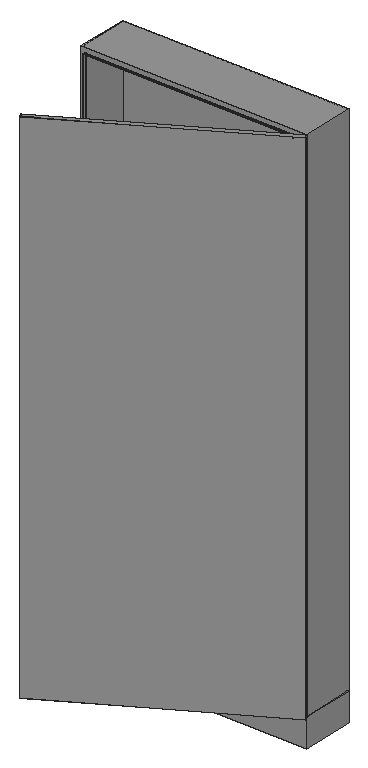
Revit family "Hager-Univers-IP44-D205-H1950-Cl.I-encl-NoHosted-NL-en", category Equipement électrique, Revit 2020
Family settings
  Configuration du panneau = Deux colonnes, circuits au sein
  Cote de connecteur circulaire = Utiliser le diamètre
  Type d'élément = Tableau de raccordement
  Basée sur le plan de construction = Oui
  Toujours verticalement = Oui
  Couper avec des vides une fois chargée = Non
  Partagée = Non
  Point de calcul de pièce = Non
Parameters (values of type "Floor installation IP44 W800 H1950 D205  - FP23TN2")
  Width Control [instance] = if([EF000008 - Width] > Min Width, [EF000008 - Width], Min Width)  # 800 mm
  Commentaires du type = [HG000003 - Range]  # "Univers"
  Thickness Door [instance] = if([EF009171 - Material plate thickness door/cover] > 3 mm, 3 mm, [EF009171 - Material plate thickness door/cover])  # 1 mm
  Seal Frame Offset [instance] = 17 mm  # constant formula
  Plinth Visibility [instance] = [HG000027 - Plinth height] > 0 mm  # yes
  Min Width [instance] = 100 mm  # constant formula
  Min Depth [instance] = (2 * [EF009170 - Material plate thickness cabinet]) + 1 mm  # 3 mm
  Min Height [instance] = 100 mm  # constant formula
  Internal Frame Depth [instance] = (Door System Depth * 0.5)  # 9 mm
  Panel Name [instance] = ""  # (empty or 0)
  Model = ""
  HG000027 - Plinth height = 100 mm
  HG000026 - Floor standing = yes
  HG000024 - Bottom section height = 600 mm
  HG000023 - Double section enclosure = no
  HG000016 - Door 3d visibility [instance] = yes
  HG000015 - Clearance visibility [instance] = no
  HG000014 - Door on the right [instance] = yes
  HG000013 - Door on the left [instance] = not([HG000014 - Door on the right])  # no
  HG000012 - Door swing angle [instance] = 30.00°
  HG000010 - Asymmetric doors = no
  HG000009 - Double swing door = no
  HG000006 - Flush mounted = no
  HG000004 - Manufacturer reference = "FP23TN2"
  HG000003 - Range = "Univers"
  HG000002 - With door or cover = yes
  Frame Offset Bottom [instance] = 10 mm  # constant formula
  Frame Offset [instance] = 15 mm  # constant formula
  EF015940 - Cover with overpressure release = no
  EF011959 - Degree of protection (NEMA) = ""
  EF009554 - Number of openings for flange plates = 6
  EF009212 - Cover model = "EV000116 - Closed"
  EF009171 - Material plate thickness door/cover = 1 mm
  EF009170 - Material plate thickness cabinet = 1 mm
  EF008873 - Nominal current (In) = 400 A
  EF007800 - Suitable for lightning protection = no
  EF006306 - With lock = no
  EF006244 - Transparent cover/door = no
  EF005474 - Degree of protection (IP) = "EV006418 - IP44"
  EF004464 - Type of door = "EV002646 - Single"
  EF004427 - Number of modules = 432
  EF004293 - Impact strength = "EV006815 - IK09"
  EF003532 - Suitable for outdoor use = no
  EF002950 - Width in number of modular spacings = 36
  EF001613 - Circuit integrity = "EV000494 - None"
  EF001596 - Material housing = "EV000179 - Steel"
  EF001131 - Internal depth = 205 mm
  EF001088 - Extension possible = yes
  EF000437 - Number of conduit inlets = 6
  EF000339 - Type of cover = "EV001012 - Cover"
  EF000266 - Number of rows = 12
  EF000218 - Built-in depth = 0 mm
  EF000118 - With mounting plate = no
  EF000116 - RAL-number = "9010"
  EF000049 - Depth = 205 mm
  EF000040 - Height = 1950 mm
  EF000008 - Width = 800 mm
  EF000007 - Colour = "EV000202 - White"
  EF000003 - Mounting method = "EV012274 - Floor installation"
  Door System Leaf Tolerance [instance] = 1.5 mm  # constant formula
  Door System Depth [instance] = 18 mm  # constant formula
  Door Height [instance] = Height Control - [HG000027 - Plinth height]  # 1850 mm
  Description = ""
  Default Elevation = 1219.2 mm
  Connector Offset [instance] = Height Control / 2  # 975 mm
  Fabricant = "Hager"  # constant formula
  Height Control [instance] = if([EF000040 - Height] > Min Height, [EF000040 - Height], Min Height)  # 1950 mm
  Depth Control [instance] = if([EF000049 - Depth] > Min Depth, [EF000049 - Depth], Min Depth)  # 205 mm
  Bottom Top Plate Trim [instance] = 1.5 mm  # constant formula
  Plinth height Ctrl [instance] = if([HG000027 - Plinth height] > 0 mm, [HG000027 - Plinth height], 12 mm)  # 100 mm
Types (5, lengths in mm): name | Width Control | HG000010 - Asymmetric doors | HG000009 - Double swing door | HG000004 - Manufacturer reference | EF009554 - Number of openings for flange plates | EF008873 - Nominal current (In) | EF004464 - Type of door | EF004427 - Number of modules | EF002950 - Width in number of modular spacings | EF000437 - Number of conduit inlets | EF000008 - Width
  Floor installation IP44 W1050 H1950 D205  - FP24TN2 | 1050 | no | yes | "FP24TN2" | 8 | 400 A | "EV003602 - Double" | 576 | 48 | 8 | 1050
  Floor installation IP44 W1300 H1950 D205  - FP25TN2 | 1300 | yes | yes | "FP25TN2" | 10 | 400 A | "EV003602 - Double" | 720 | 60 | 10 | 1300
  Floor installation IP44 W300 H1950 D205  - FP21TN2 | 300 | no | no | "FP21TN2" | 2 | 250 A | "EV002646 - Single" | 144 | 12 | 2 | 300
  Floor installation IP44 W550 H1950 D205  - FP22TN2 | 550 | no | no | "FP22TN2" | 4 | 400 A | "EV002646 - Single" | 288 | 24 | 4 | 550
  Floor installation IP44 W800 H1950 D205  - FP23TN2 | 800 | no | no | "FP23TN2" | 6 | 400 A | "EV002646 - Single" | 432 | 36 | 6 | 800
Reference planes
  plane 1 "Center (Front/Back)": y = 0
  plane 2: z = 0
  plane 3 "Center (Left/Right)": x = 0
  plane 4: y = 0
  plane 5: y = 0
  plane 6: z = 0
  plane 7: x = -400
  plane 8: x = 400
  plane 9: x = 399
  plane 10: x = -399
  plane 11: z = 100
  plane 12: z = 101
  plane 13: y = -205
  plane 14: y = -1
  plane 15: x = 0
  plane 16: y = -187
  plane 17: y = -204
  plane 18: y = -186
  plane 19: x = -384
  plane 20: x = 384
  plane 21: z = 111
  plane 22: x = -383
  plane 23: x = 383
  plane 24: z = 100
  plane 25: z = 1950
  plane 26: z = 1950
  plane 27: z = 1934
  plane 28: z = 1949
Forms (mm)
  Extrusion 1, solid, material "Hager_Steel_RAL7035_Light_Grey", detail levels medium+fine
    sketch origin (-208.679, -4572, 100) x (-1, 0, 0) y (0, -1, 0)
      loop
        line (191.321, -4385) -> (-608.679, -4385) -> (-608.679, -4572) -> (191.321, -4572) -> (191.321, -4385)
    from 0 to 1850
  Extrusion 2, void
    sketch origin (-350.771, -205, 1219.2) x (1, 0, 0) y (0, 0, 1)
      loop
        line (-48.229, 729.8) -> (-48.229, -1118.2) -> (749.771, -1118.2) -> (749.771, 729.8) -> (-48.229, 729.8)
    from -19 to -204
  Extrusion 3, void
    sketch origin (-290.084, -187, 1219.2) x (1, 0, 0) y (0, 0, 1)
      loop
        line (-93.916, -1108.2) -> (674.084, -1108.2) -> (674.084, 714.8) -> (-93.916, 714.8) -> (-93.916, -1108.2)
    from 0 to -1
  Extrusion 4, solid, material "Hager_Steel_RAL7035_Light_Grey", visible <- "Plinth Visibility", detail levels medium+fine
    sketch origin (0, 0, 0) x (1, 0, 0) y (0, 1, 0)
      loop
        line (-400, 0) -> (-400, -187) -> (400, -187) -> (400, 0) -> (-400, 0)
    from 0 to 100 <- "Plinth height Ctrl"
  Extrusion 5, solid, material "Hager_Steel_RAL7035_Light_Grey", detail levels coarse
    sketch origin (0, 0, 0) x (1, 0, 0) y (0, 1, 0)
      loop
        line (-400, 0) -> (-400, -205) -> (400, -205) -> (400, 0) -> (-400, 0)
    from 0 to 1950 <- "Height Control"
  Sweep 6, void
    path in 3D
      loop
        line (-400, -187, 100) -> (400, -187, 100) -> (400, 0, 100) -> (-400, 0, 100) -> (-400, -187, 100)
    profile origin (-400, -93.5, 100) x (1, 0, 0) y (0, 0, 1)
      loop
        line (0, 0) -> (0, -1.5) -> (1.5, -1.5)
        arc (1.5, -1.5) -> (1.061, -0.439) -> (0, 0) r 1.5
  Extrusion 7, solid, material "Hager_Steel_RAL7035_Light_Grey", detail levels fine
    sketch origin (-400, -187, 100) x (1, 0, 0) y (0, 0, 1)
      loop
        line (16, 11) -> (784, 11) -> (784, 1834) -> (16, 1834) -> (16, 11)
      loop
        line (15, 10) -> (785, 10) -> (785, 1835) -> (15, 1835) -> (15, 10)
    from 0 to 9 <- "Internal Frame Depth"
Cuts and joins
  Extrusion 2, Extrusion 3 cuts Extrusion 1
  Sweep 6 cuts Extrusion 4
Lines and regions (mm)
  Masking region 1
    outline origin (0, 0, 0) x (1, 0, 0) y (0, 1, 0)
      loop
        line (-400, 0) -> (-400, -205) -> (400, -205) -> (400, 0) -> (-400, 0)
  Masking region 2, detail levels coarse
    outline origin (-290.084, -187, 1219.2) x (-1, 0, 0) y (0, 0, 1)
      loop
        line (-690.084, -1219.2) -> (109.916, -1219.2) -> (109.916, 730.8) -> (-690.084, 730.8) -> (-690.084, -1219.2)
  Masking region 3, detail levels coarse
    outline origin (0, 0, 0) x (0, 1, 0) y (0, 0, 1)
      loop
        line (0, 0) -> (0, 1950) -> (-205, 1950) -> (-205, 0) -> (0, 0)
  Masking region 4, visible <- "Plinth Visibility", detail levels medium+fine
    outline origin (0, 0, 0) x (0, 1, 0) y (0, 0, 1)
      loop
        line (-1.5, 100) -> (-185.5, 100)
        arc (-185.5, 100) -> (-185.939, 98.939) -> (-187, 98.5) r 1.5
        line (-187, 98.5) -> (-187, 0) -> (0, 0) -> (0, 98.5)
        arc (0, 98.5) -> (-1.061, 98.939) -> (-1.5, 100) r 1.5
  Masking region 5, detail levels medium+fine
    outline origin (0, 0, 594.038) x (0, 1, 0) y (0, 0, 1)
      loop
        line (0, -494.038) -> (0, 1355.962) -> (-187, 1355.962) -> (-187, -494.038) -> (0, -494.038)
  Masking region 6, detail levels medium+fine
    outline origin (-359.7, -187, 1211.883) x (-1, 0, 0) y (0, 0, 1)
      loop
        line (-759.7, -1111.883) -> (40.3, -1111.883) -> (40.3, 738.117) -> (-759.7, 738.117) -> (-759.7, -1111.883)
  Masking region 7, visible <- "Plinth Visibility", detail levels medium+fine
    outline origin (-320.334, -187, 1041.368) x (-1, 0, 0) y (0, 0, 1)
      loop
        line (-720.334, -1041.368) -> (79.666, -1041.368) -> (79.666, -942.868)
        arc (79.666, -942.868) -> (78.606, -942.429) -> (78.166, -941.368) r 1.5
        line (78.166, -941.368) -> (-718.834, -941.368)
        arc (-718.834, -941.368) -> (-719.273, -942.429) -> (-720.334, -942.868) r 1.5
        line (-720.334, -942.868) -> (-720.334, -1041.368)
  sketch lines
    curve 1: line (-400, 0, 100) -> (-400, -187, 100)
    curve 2: line (-400, -187, 100) -> (400, -187, 100)
    curve 3: line (400, 0, 100) -> (-400, 0, 100)
    curve 4: line (400, -187, 100) -> (400, 0, 100)
Dimensions and locks
  locked: plane 1 "Center (Front/Back)" to plane 5
  "EF009170 - Material plate thickness cabinet": plane 7 to plane 10
  "EF009170 - Material plate thickness cabinet": plane 8 to plane 9
  equal spacing: plane 7, plane 3 "Center (Left/Right)", plane 8
  "Width Control": plane 7 to plane 8
  "Depth Control": plane 4 to plane 13
  "EF009170 - Material plate thickness cabinet": plane 4 to plane 14
  "Height Control": plane 25 to level
  "HG000027 - Plinth height": plane 11 to level
  "EF009170 - Material plate thickness cabinet": plane 12 to plane 11
  "EF009170 - Material plate thickness cabinet": plane 17 to plane 13
  "EF009170 - Material plate thickness cabinet": plane 18 to plane 16
  "Frame Offset Bottom": plane 21 to plane 12
  "Frame Offset": plane 10 to plane 19
  "Frame Offset": plane 9 to plane 20
  "Door System Depth": plane 16 to plane 13
  "Seal Frame Offset": plane 7 to plane 22
  "Seal Frame Offset": plane 8 to plane 23
  "EF009170 - Material plate thickness cabinet": plane 26 to plane 28
  "Frame Offset": plane 28 to plane 27
  "Connector Offset": plane 2 to connector elem
  "Bottom Top Plate Trim": profile plane to Sweep 6 sketch curve
  "Bottom Top Plate Trim": Sweep 6 sketch curve to Sweep 6 sketch curve
  "Plinth height Ctrl": Masking region 4 sketch curve to level
  "Plinth height Ctrl": Masking region 7 sketch curve to level
  "Thickness Door": Extrusion 7 sketch curve to Extrusion 7 sketch curve  (x4)
  "Bottom Top Plate Trim": radius of Sweep 6 sketch curve
  "Bottom Top Plate Trim": radius of Masking region 4 sketch curve  (x2)
  "Bottom Top Plate Trim": radius of Masking region 7 sketch curve  (x2)
  aligned and locked: Extrusion 2 sketch curve to plane 12
  aligned and locked: Extrusion 2 sketch curve to plane 9
  aligned and locked: Extrusion 2 sketch curve to plane 10
  aligned and locked: Extrusion 2 to plane 14
  aligned and locked: Extrusion 1 sketch curve to plane 4
  aligned and locked: plane 8 to Extrusion 1 sketch curve
  aligned and locked: plane 7 to Extrusion 1 sketch curve
  aligned and locked: Extrusion 2 to plane 18
  aligned and locked: Extrusion 3 sketch curve to plane 19
  aligned and locked: plane 20 to Extrusion 3 sketch curve
  aligned and locked: Extrusion 3 to Extrusion 2
  aligned and locked: Extrusion 3 sketch curve to plane 21
  aligned and locked: plane 3 "Center (Left/Right)" to nested 1
  aligned and locked: Extrusion 1 sketch curve to plane 16
  aligned and locked: Extrusion 4 sketch curve to cut or joined group of Extrusion 1, Extrusion 2, Extrusion 3
  aligned and locked: Masking region 1 sketch curve to plane 7
  aligned and locked: Masking region 1 sketch curve to plane 5
  aligned and locked: Masking region 1 sketch curve to plane 8
  aligned and locked: Masking region 2 sketch curve to level
  aligned and locked: level to Masking region 3 sketch curve
  aligned and locked: plane 1 "Center (Front/Back)" to Masking region 3 sketch curve
  aligned and locked: plane 13 to Masking region 3 sketch curve
  aligned and locked: plane 5 to Masking region 4 sketch curve
  aligned and locked: Masking region 2 sketch curve to plane 8
  aligned and locked: Masking region 2 sketch curve to plane 7
  aligned and locked: plane 7 to nested 2
  aligned and locked: nested 2 to plane 5
  aligned and locked: plane 5 to Masking region 5 sketch curve
  aligned and locked: plane 26 to Masking region 5 sketch curve
  aligned and locked: Extrusion 5 sketch curve to plane 8
  aligned and locked: Extrusion 5 sketch curve to plane 7
  aligned and locked: Extrusion 5 sketch curve to plane 5
  aligned and locked: Extrusion 3 sketch curve to plane 27
  aligned and locked: Extrusion 2 sketch curve to plane 28
  aligned and locked: Masking region 2 to plane 25
  aligned and locked: Extrusion 4 to plane 16
  aligned and locked: profile plane to Sweep 6 sketch curve
  aligned and locked: Masking region 5 sketch curve to plane 24
  aligned and locked: level to Masking region 4 sketch curve
  aligned and locked: Masking region 1 to plane 13
  aligned and locked: nested 1 to plane 16
  aligned and locked: Masking region 3 to plane 25
  aligned and locked: plane 16 to Masking region 4 sketch curve
  aligned and locked: Masking region 5 sketch curve to plane 16
  aligned and locked: plane 24 to plane 11
  aligned and locked: plane 26 to plane 25
  aligned and locked: plane 26 to cut or joined group of Extrusion 1, Extrusion 2, Extrusion 3
  aligned and locked: nested 1 to plane 24
  aligned and locked: Extrusion 1 to Extrusion 3
  aligned and locked: Masking region 6 sketch curve to plane 8
  aligned and locked: Masking region 6 sketch curve to plane 24
  aligned and locked: Masking region 6 sketch curve to plane 7
  aligned and locked: Masking region 6 sketch curve to plane 26
  aligned and locked: Masking region 7 sketch curve to plane 7
  aligned and locked: level to Masking region 7 sketch curve
  aligned and locked: Masking region 7 sketch curve to plane 8
  aligned and locked: Extrusion 7 sketch curve to cut or joined group of Extrusion 1, Extrusion 2, Extrusion 3  (x4)
Automatic sketch dimensions
  plane 19 to Extrusion 3 sketch curve = 0 mm
  Extrusion 3 sketch curve to plane 20 = 0 mm
  Extrusion 3 sketch curve to plane 21 = 0 mm
  Extrusion 4 sketch curve to plane 7 = 0 mm
  Extrusion 4 sketch curve to plane 8 = 0 mm
  Extrusion 4 sketch curve to plane 16 = 0 mm
  Masking region 1 sketch curve to plane 13 = 0 mm
  Masking region 2 sketch curve to plane 25 = 0 mm
  Masking region 3 sketch curve to plane 25 = 0 mm
  Extrusion 5 sketch curve to plane 13 = 0 mm
  profile plane to Sweep 6 sketch curve = 0 mm
Nested families
  nested 1: "EC000058_Univers_Door" at (0, -187, 100), Double <- "HG000009 - Double swing door", Transparent <- "EF006244 - Transparent cover/door", Angle <- "HG000012 - Door swing angle", Door_Right <- "HG000014 - Door on the right", Assymetrical <- "HG000010 - Asymmetric doors", Door <- "HG000002 - With door or cover", Width_Ctrl <- "Width Control", 3d_Door <- "HG000016 - Door 3d visibility", Clearance <- "HG000015 - Clearance visibility", Door_Left <- "HG000013 - Door on the left", Width <- "Width Control", Door_Depth <- "Door System Depth", Leaf_Tolerance <- "Door System Leaf Tolerance", Height <- "Door Height", Lock_Visibility <- "EF006306 - With lock", Thickness <- "Thickness Door", type "EC000058_Univers_Door", detail levels medium+fine
    with min_wh 3 mm, Width_Ctrl 800 mm, Width 800 mm, Transparent no, Thickness 1 mm, Seal_Material Hager_Rubber, Lock_Visibility no, Lock_Material Hager_Plastic_RAL9005_Jet_Black, Leaf_Width 800 mm, Leaf_Tolerance_External_Sides 0 mm, Leaf_Tolerance 1.5 mm, Leaf_Offset 0 mm, Leaf_Height 1847 mm, Leaf_2_Width 800 mm, Leaf_2_Offset 400 mm, Leaf_1_Width 800 mm, Leaf_1_Offset 400 mm, Height_Ctrl 1850 mm, Height 1850 mm, Glass_Material Hager_Glass, Double_Clearance_Ctrl no, Double no, Door_Right_Ctrl yes, Door_Right yes, Door_Material Hager_Steel_RAL7035_Light_Grey, Door_Left_Ctrl no, Door_Left no, Door_Depth 18 mm, Door yes, Clearance_Material Hager_Clearance, Clearance_Depth 800 mm, Clearance_Ctrl no, Clearance no, Assymetrical no, Angle 30.00°, 3d_Door yes
  nested 2: "Hager_Enclosure_Symbol" at (-400, 0, 0), Height <- "Depth Control", Width <- "Width Control", type "Hager_Enclosure_Symbol"
    with Width_Ctrl 800 mm, Width 800 mm, Height_Ctrl 205 mm, Height 205 mm, A_Width_Int 13.453 mm, A_Width 161.438 mm, A_Height_Ctrl 179.375 mm, A_Height 179.375 mm
Connectors
  electrical at (0, 0, 975)
    settings: on plane 1 "Center (Front/Back)", index 1, voltage 0 V, apparent load 0 VA, apparent load phase1 0 VA, apparent load phase2 0 VA, apparent load phase3 0 VA, power factor 1, load classification "Other", number of poles 1, system type 30, power factor state 1, is connector primary yes, connector utility no, sub classification motor no, connector description ""
Definition of nested family "EC000058_Univers_Door"
  Parameters (values of type "EC000058_Univers_Door")
    min_wh [instance] = (2 * Thickness) + 1 mm  # 11 mm
    Width_Ctrl [instance] = 400 mm
    Width [instance] = 500 mm
    Transparent [instance] = yes
    Thickness [instance] = 5 mm
    Seal_Material [instance] = none
    Lock_Visibility [instance] = yes
    Lock_Material [instance] = none
    Leaf_Width [instance] = if((Width_Ctrl - 2 * Leaf_Tolerance_External_Sides) > 0 mm, (Width_Ctrl - 2 * Leaf_Tolerance_External_Sides), min_wh)  # 400 mm
    Leaf_Tolerance_External_Sides [instance] = 0 mm  # constant formula
    Leaf_Tolerance [instance] = 1.5 mm
    Leaf_Offset [instance] = 0 mm  # constant formula
    Leaf_Height [instance] = if((Height_Ctrl - 2 * Leaf_Tolerance) > 0 mm, (Height_Ctrl - 2 * Leaf_Tolerance), min_wh)  # 497 mm
    Leaf_2_Width [instance] = if(and(and(Double, Assymetrical), Door_Left), (Leaf_Width / 3) - (Leaf_Tolerance / 2), if(and(and(Double, Assymetrical), Door_Right), (Leaf_Width / 3) * 2 - (Leaf_Tolerance / 2), if(and(Double, not(Assymetrical)), (Leaf_Width / 2) - Leaf_Tolerance, Leaf_Width)))  # 400 mm
    Leaf_2_Offset [instance] = if(and(Double, Assymetrical), Leaf_2_Width / 2, if(and(Double, not(Assymetrical)), Leaf_Width / 4, Leaf_Width / 2))  # 200 mm
    Leaf_1_Width [instance] = if(and(and(Double, Assymetrical), Door_Right), (Leaf_Width / 3) - (Leaf_Tolerance / 2), if(and(and(Double, Assymetrical), Door_Left), (Width / 3) * 2 - (Leaf_Tolerance / 2), if(and(Double, not(Assymetrical)), (Leaf_Width / 2) - Leaf_Tolerance, Leaf_Width)))  # 400 mm
    Leaf_1_Offset [instance] = if(and(Double, Assymetrical), Leaf_1_Width / 2, if(and(Double, not(Assymetrical)), Leaf_Width / 4, Leaf_Width / 2))  # 200 mm
    Height_Ctrl [instance] = if(Height > min_wh, Height, min_wh)  # 500 mm
    Height [instance] = 500 mm
    Glass_Material [instance] = none
    Double_Clearance_Ctrl [instance] = and(Double, Clearance)  # no
    Double [instance] = no
    Door_Right_Ctrl [instance] = and(or(Door_Right, Double), Door)  # yes
    Door_Right [instance] = yes
    Door_Material [instance] = none
    Door_Left_Ctrl [instance] = and(or(Door_Left, Double), Door)  # no
    Door_Left [instance] = no
    Door_Depth [instance] = 30 mm
    Door [instance] = yes
    Default Elevation = 1219.2 mm
    Clearance_Material [instance] = none
    Clearance_Depth [instance] = if(Leaf_1_Width > Leaf_2_Width, Leaf_1_Width, Leaf_2_Width)  # 400 mm
    Clearance_Ctrl [instance] = and(not(Double), Clearance)  # yes
    Clearance [instance] = yes
    Assymetrical [instance] = yes
    Angle [instance] = 30.00°
    3d_Door [instance] = yes
  Reference planes
    plane 1 "Center (Front/Back)": y = 0
    plane 2 "Bottom": z = 0
    plane 3 "Center (Left/Right)": x = 0
    plane 4: z = 500
    plane 5: x = -200
    plane 6: x = 200
    plane 7: z = 500
    plane 8: x = -200
    plane 9: z = 0
    plane 10: x = 200
    plane 11: y = 0
    plane 12: z = 1.5
    plane 13: x = -600
    plane 14: y = -400
    plane 15: x = 600
    plane 16: x = 0
    plane 17: x = 0
    plane 18: x = -200
    plane 19: x = 200
    plane 20: z = 498.5
  Forms (mm)
    Extrusion 1, solid, material <- "Clearance_Material", visible <- "Double_Clearance_Ctrl"
      sketch origin (1200, 0, 0) x (1, 0, 0) y (0, 0, -1)
        loop
          line (-1800, -498.5) -> (-600, -498.5) -> (-600, 0) -> (-1800, 0) -> (-1800, -498.5)
      from 0 to -400
  Dimensions and locks
    equal spacing: plane 5, plane 3 "Center (Left/Right)", plane 6
    "Width_Ctrl": plane 5 to plane 6
    "Leaf_Offset": plane 5 to plane 8
    "Leaf_Offset": plane 6 to plane 10
    "Leaf_Offset": plane 9 to level
    "Leaf_Offset": plane 4 to plane 7
    "Height_Ctrl": plane 4 to level
    "Leaf_Tolerance": plane 12 to plane 9
    locked: plane 11 to plane 1 "Center (Front/Back)"
    "Leaf_1_Offset": plane 18 to plane 16
    "Leaf_2_Offset": plane 17 to plane 19
    "Leaf_1_Width": plane 13 to plane 8
    "Leaf_2_Width": plane 10 to plane 15
    "Clearance_Depth": plane 14 to plane 1 "Center (Front/Back)"
    "Leaf_Tolerance_External_Sides": plane 8 to plane 18
    "Leaf_Tolerance_External_Sides": plane 19 to plane 10
    "Leaf_Tolerance": plane 7 to plane 20
    aligned and locked: level to plane 2 "Bottom"
    aligned and locked: nested 1 to plane 16
    aligned and locked: nested 2 to plane 17
    aligned and locked: Extrusion 1 to plane 13
    aligned and locked: plane 15 to Extrusion 1
    aligned and locked: Extrusion 1 to plane 14
    aligned and locked: plane 12 to nested 1
    aligned and locked: nested 2 to plane 12
    aligned and locked: Extrusion 1 to plane 11
    aligned and locked: plane 20 to Extrusion 1
    aligned and locked: nested 2 to plane 11
    aligned and locked: nested 1 to plane 11
  Automatic sketch dimensions
    Extrusion 1 sketch curve to level = 0 mm
    plane 5 to Extrusion 1 sketch curve = 400 mm
    plane 6 to Extrusion 1 sketch curve = 400 mm
    Extrusion 1 sketch curve to plane 4 = 1.5 mm
  Nested families
    nested 1: "EC000058_Univers_Door_Leaf" at (0, 0, 1.5), Width <- "Leaf_1_Width", visible <- "Door_Left_Ctrl", Leaf_Height <- "Leaf_Height", Angle <- "Angle", 3d_Door <- "3d_Door", Transparent <- "Transparent", Clearance Material <- "Clearance_Material", Clearance <- "Clearance_Ctrl", Door_Material <- "Door_Material", Glass_Material <- "Glass_Material", Door_Depth <- "Door_Depth", Lock_Material <- "Lock_Material", Seal_Material <- "Seal_Material", Lock_Visibility <- "Lock_Visibility", Thickness <- "Thickness", type "EC000058_Univers_Door_Leaf"
      with Width 400 mm, Transparent_Glass_Offset 30 mm, Transparent_Ctrl yes, Transparent yes, Thickness 5 mm, Standard no, Seal_Material none, Seal_D2 8 mm, Seal_D1 1 mm, Offset_Internal_Frame 10 mm, Lock_Width 20 mm, Lock_Visibility_3d yes, Lock_Visibility yes, Lock_Thickness_3 3 mm, Lock_Thickness_2 1 mm, Lock_Thickness_1 3 mm, Lock_Radius_Offset_2 16 mm, Lock_Radius_Offset_1 15 mm, Lock_Radius_2 5 mm, Lock_Radius 6 mm, Lock_Offset 5 mm, Lock_Material none, Lock_Height 80 mm, Lock_Cover_Top_Offset_2d 17 mm, Lock_Cover_Height -65 mm, Leaf_Height 497 mm, Internal_Seal_Thickness 8 mm, Internal_Seal_Depth_2 4.5 mm, Internal_Frame_Depth 25 mm, Glass_Thickness -1 mm, Glass_Offset -2 mm, Glass_Material none, Door_Material none, Door_Depth 30 mm, Clearance Material none, Clearance yes, Angle_Ctrl 30.00°, Angle 30.00°, 3d_Door yes
    nested 2: "EC000058_Univers_Door_Leaf" at (0, 0, 1.5) x (-1, 0, 0) z (0, 0, 1), Width <- "Leaf_2_Width", visible <- "Door_Right_Ctrl", Leaf_Height <- "Leaf_Height", Angle <- "Angle", 3d_Door <- "3d_Door", Transparent <- "Transparent", Clearance Material <- "Clearance_Material", Clearance <- "Clearance_Ctrl", Door_Material <- "Door_Material", Glass_Material <- "Glass_Material", Door_Depth <- "Door_Depth", Lock_Material <- "Lock_Material", Seal_Material <- "Seal_Material", Lock_Visibility <- "Lock_Visibility", Thickness <- "Thickness", type "EC000058_Univers_Door_Leaf"
      with Width 400 mm, Transparent_Glass_Offset 30 mm, Transparent_Ctrl yes, Transparent yes, Thickness 5 mm, Standard no, Seal_Material none, Seal_D2 8 mm, Seal_D1 1 mm, Offset_Internal_Frame 10 mm, Lock_Width 20 mm, Lock_Visibility_3d yes, Lock_Visibility yes, Lock_Thickness_3 3 mm, Lock_Thickness_2 1 mm, Lock_Thickness_1 3 mm, Lock_Radius_Offset_2 16 mm, Lock_Radius_Offset_1 15 mm, Lock_Radius_2 5 mm, Lock_Radius 6 mm, Lock_Offset 5 mm, Lock_Material none, Lock_Height 80 mm, Lock_Cover_Top_Offset_2d 17 mm, Lock_Cover_Height -65 mm, Leaf_Height 497 mm, Internal_Seal_Thickness 8 mm, Internal_Seal_Depth_2 4.5 mm, Internal_Frame_Depth 25 mm, Glass_Thickness -1 mm, Glass_Offset -2 mm, Glass_Material none, Door_Material none, Door_Depth 30 mm, Clearance Material none, Clearance yes, Angle_Ctrl 30.00°, Angle 30.00°, 3d_Door yes
  Definition of nested family "EC000058_Univers_Door_Leaf"
    Parameters (values of type "EC000058_Univers_Door_Leaf")
      Width [instance] = 2000 mm
      Transparent_Glass_Offset [instance] = 30 mm
      Transparent_Ctrl [instance] = and(Transparent, [3d_Door])  # yes
      Transparent [instance] = yes
      Thickness [instance] = 5 mm
      Standard [instance] = and(not(Transparent), [3d_Door])  # no
      Seal_Material [instance] = none
      Seal_D2 [instance] = 8 mm  # constant formula
      Seal_D1 [instance] = 1 mm  # constant formula
      Offset_Internal_Frame [instance] = 10 mm  # constant formula
      Lock_Width [instance] = 20 mm  # constant formula
      Lock_Visibility_3d [instance] = and(Lock_Visibility, [3d_Door])  # yes
      Lock_Visibility [instance] = yes
      Lock_Thickness_3 [instance] = 3 mm  # constant formula
      Lock_Thickness_2 [instance] = 1 mm  # constant formula
      Lock_Thickness_1 [instance] = 3 mm  # constant formula
      Lock_Radius_Offset_2 [instance] = Lock_Radius_Offset_1 + 1 mm  # 16 mm
      Lock_Radius_Offset_1 [instance] = 15 mm  # constant formula
      Lock_Radius_2 [instance] = Lock_Radius - 1 mm  # 5 mm
      Lock_Radius [instance] = 6 mm  # constant formula
      Lock_Offset [instance] = 5 mm  # constant formula
      Lock_Material [instance] = none
      Lock_Height [instance] = 80 mm  # constant formula
      Lock_Cover_Top_Offset_2d [instance] = Lock_Radius_Offset_2 + 1 mm  # 17 mm
      Lock_Cover_Height [instance] = -(Lock_Height - Lock_Radius_Offset_1)  # -65 mm
      Leaf_Height [instance] = 2720.336 mm
      Internal_Seal_Thickness [instance] = 8 mm  # constant formula
      Internal_Seal_Depth_2 [instance] = 4.5 mm  # constant formula
      Internal_Frame_Depth [instance] = if(Door_Depth - Thickness > 5 mm, Door_Depth - Thickness, 5 mm)  # 25 mm
      Glass_Thickness [instance] = if(Thickness > 15 mm, Glass_Offset + 10 mm, -1 mm)  # -1 mm
      Glass_Offset [instance] = if(Thickness > 15 mm, -(Thickness + 10 mm) / 2, -2 mm)  # -2 mm
      Glass_Material [instance] = none
      Door_Material [instance] = none
      Door_Depth [instance] = 30 mm
      Default Elevation = 0 mm
      Clearance Material [instance] = none
      Clearance [instance] = yes
      Angle_Ctrl [instance] = if(Angle > 180.00°, 180.00°, Angle)  # 90.00°
      Angle [instance] = 90.00°
      3d_Door [instance] = yes
    Reference planes
      plane 1 "Center (Front/Back)": y = 0
      plane 2: z = 0
      plane 3 "Center (Left/Right)": x = 0
      plane 4: y = 2000
      plane 5: x = -1000
      plane 6: x = 1000
      plane 7: x = -3000
      plane 8: z = 2720.336
      plane 9: z = 30
      plane 10: z = 2690.336
      plane 11: x = 970
      plane 12: x = -970
      plane 13: y = -3
      plane 14: z = 107.833
      plane 15: y = -5
      plane 16: y = -223.314
      plane 17: x = -1000
      plane 18: z = 1360.168
      plane 19: y = 30
    Forms (mm)
      Extrusion 1, solid, material <- "Clearance Material", visible <- "Clearance"
        sketch origin (0, 0, 0) x (1, 0, 0) y (0, 0, 1)
          loop
            line (-3000, 2720.336) -> (-3000, 0) -> (1000, 0) -> (1000, 2720.336) -> (-3000, 2720.336)
        from 0 to -2000
      Extrusion 2, solid, material <- "Door_Material", visible <- "Standard", detail levels medium+fine
        sketch origin (-1000, 0, 0) x (0, 1, 0) y (-1, 0, 0)
          loop
            line (0, 30) -> (0, 25) -> (2000, 25) -> (2000, 30) -> (0, 30)
        from 0 to 2720.336 <- "Leaf_Height"
      Extrusion 3, solid, material <- "Door_Material", visible <- "Transparent_Ctrl", detail levels medium+fine
        sketch origin (-1000, 0, 0) x (0, 1, 0) y (-1, 0, 0)
          loop
            line (0, 25) -> (2000, 25) -> (2000, 30) -> (0, 30) -> (0, 25)
        from 0 to 2720.336 <- "Leaf_Height"
      Extrusion 4, void
        sketch origin (-1025, 2000, 0) x (0, 1, 0) y (0, 0, -1)
          loop
            line (-30, -2690.336) -> (-30, -30) -> (-1970, -30) -> (-1970, -2690.336) -> (-30, -2690.336)
        from 0 to 5 <- "Thickness"
      Sweep 5, solid, material <- "Seal_Material", visible <- "Transparent_Ctrl", detail levels fine
        path in 3D
          loop
            line (-1025, 30, 30) -> (-1025, 30, 2690.336) -> (-1025, 1970, 2690.336) -> (-1025, 1970, 30) -> (-1025, 30, 30)
        profile origin (-1025, 1000, 30) x (1, 0, 0) y (0, 0, 1)
          loop
            line (0, 0) -> (0, -8) -> (1, -8) -> (1, 0) -> (0, 0)
      Extrusion 6, solid, material <- "Glass_Material", visible <- "Transparent_Ctrl", detail levels medium+fine
        sketch origin (-1030, 0, 0) x (0, 1, 0) y (0, 0, -1)
          loop
            line (1970, -2690.336) -> (1970, -30) -> (30, -30) -> (30, -2690.336) -> (1970, -2690.336)
        from -2 <- "Glass_Offset" to -1 <- "Glass_Thickness"
      Extrusion 7, solid, material <- "Door_Material", visible <- "3d_Door", detail levels medium+fine
        sketch origin (-1025, 2000, 0) x (0, -1, 0) y (0, 0, -1)
          loop
            line (0, -2720.336) -> (2000, -2720.336) -> (2000, 0) -> (0, 0) -> (0, -2720.336)
          loop
            line (1995, -5) -> (5, -5) -> (5, -2715.336) -> (1995, -2715.336) -> (1995, -5)
        from 0 to 25 <- "Internal_Frame_Depth"
      Sweep 8, solid, material <- "Seal_Material", visible <- "Transparent_Ctrl", detail levels fine
        path in 3D
          loop
            line (-1025, 0, 0) -> (-1025, 2000, 0) -> (-1025, 2000, 2720.336) -> (-1025, 0, 2720.336) -> (-1025, 0, 0)
        profile origin (-1025, 0, 1360.168) x (1, 0, 0) y (0, 1, 0)
          loop
            line (0, 10) -> (2.975, 10)
            arc (2.975, 10) -> (4.053, 10.447) -> (4.5, 11.525) r 1.525
            line (4.5, 11.525) -> (4.5, 16.527)
            arc (4.5, 16.527) -> (4.069, 17.569) -> (3.027, 18) r 1.473
            line (3.027, 18) -> (0, 18) -> (0, 10)
      Extrusion 9, solid, material <- "Lock_Material", visible <- "Lock_Visibility_3d", detail levels fine
        sketch origin (-1030, 0, 0) x (0, 1, 0) y (0, 0, -1)
          loop
            arc (1993.5, -1400.168) -> (1994.561, -1399.729) -> (1995, -1398.668) r 1.5
            line (1995, -1398.668) -> (1995, -1320.168) -> (1975, -1320.168) -> (1975, -1398.668)
            arc (1975, -1398.668) -> (1975.439, -1399.729) -> (1976.5, -1400.168) r 1.5
            line (1976.5, -1400.168) -> (1993.5, -1400.168)
        from 3 <- "Lock_Thickness_1" to 0
      Blend 10, solid, material <- "Lock_Material", visible <- "Lock_Visibility_3d", detail levels fine
        base sketch origin (-1033, 0, 0) x (0, 1, 0) y (0, 0, -1)
          loop
            line (1975, -1320.168) -> (1975, -1398.668)
            arc (1975, -1398.668) -> (1975.439, -1399.729) -> (1976.5, -1400.168) r 1.5
            line (1976.5, -1400.168) -> (1993.5, -1400.168)
            arc (1993.5, -1400.168) -> (1994.561, -1399.729) -> (1995, -1398.668) r 1.5
            line (1995, -1398.668) -> (1995, -1320.168) -> (1975, -1320.168)
        top sketch origin (-1033, 0, 0) x (0, 1, 0) y (0, 0, -1)
          loop
            line (1976, -1320.168) -> (1976, -1398.668)
            arc (1976, -1398.668) -> (1976.146, -1399.022) -> (1976.5, -1399.168) r 0.5
            line (1976.5, -1399.168) -> (1993.5, -1399.168)
            arc (1993.5, -1399.168) -> (1993.854, -1399.022) -> (1994, -1398.668) r 0.5
            line (1994, -1398.668) -> (1994, -1320.168) -> (1976, -1320.168)
        from 0 to 1 <- "Lock_Thickness_2"
      Blend 11, solid, material <- "Lock_Material", visible <- "Lock_Visibility_3d", detail levels fine
        base sketch origin (-1034, 0, 0) x (0, 1, 0) y (0, 0, -1)
          loop
            line (1978, -1320.168) -> (1978, -1384.168)
            arc (1978, -1384.168) -> (1985, -1391.168) -> (1992, -1384.168) r 7
            line (1992, -1384.168) -> (1992, -1320.168) -> (1978, -1320.168)
        top sketch origin (-1034, 0, 0) x (0, 1, 0) y (0, 0, -1)
          loop
            line (1991, -1320.168) -> (1979, -1320.168) -> (1979, -1383.168)
            arc (1979, -1383.168) -> (1985, -1389.168) -> (1991, -1383.168) r 6
            line (1991, -1383.168) -> (1991, -1320.168)
        from 0 to 3 <- "Lock_Thickness_3"
      Extrusion 12, solid, material <- "Lock_Material", visible <- "Lock_Visibility_3d", detail levels fine
        sketch origin (-1030, 1975, 1320.168) x (1, 0, 0) y (0, -1, 0)
          loop
            line (-7, -19) -> (-7, -1) -> (0, -1) -> (0, 0) -> (-8, 0) -> (-8, -20) -> (0, -20) -> (0, -19) -> (-7, -19)
        from 0 to -65 <- "Lock_Cover_Height"
      Extrusion 13, void
        sketch origin (-1038, 1995, 1320.168) x (-1, 0, 0) y (0, 0, -1)
          loop
            line (-5, -65) -> (0, -65) -> (-5, -60) -> (-5, -65)
        from 0 to 20 <- "Lock_Width"
      Extrusion 14, void
        sketch origin (-1038, 1975, 1320.168) x (0, -1, 0) y (0, 0, -1)
          loop
            circle (-10, -15.995) r 6
          loop
            circle (-10, -15.995) r 5
        from 0 to 2
      Extrusion 15, solid, material <- "Lock_Material", visible <- "Lock_Visibility_3d", detail levels medium
        sketch origin (-1030, 0, 0) x (0, 1, 0) y (0, 0, -1)
          loop
            arc (1993.5, -1400.168) -> (1994.561, -1399.729) -> (1995, -1398.668) r 1.5
            line (1995, -1398.668) -> (1995, -1320.168) -> (1975, -1320.168) -> (1975, -1398.668)
            arc (1975, -1398.668) -> (1975.439, -1399.729) -> (1976.5, -1400.168) r 1.5
            line (1976.5, -1400.168) -> (1993.5, -1400.168)
        from 8 to 0
    Cuts and joins
      Extrusion 4 cuts Extrusion 3
      Extrusion 13, Extrusion 14 cuts Extrusion 9
      Extrusion 14 cuts Blend 11
      Extrusion 13, Extrusion 14 cuts Extrusion 12
      joined: Extrusion 9, Blend 10, Blend 11, Extrusion 12
      Extrusion 14 cuts Extrusion 15
    Lines and regions (mm)
      Masking region 1, visible <- "Lock_Visibility", detail levels fine
        outline origin (0, 0, 0) x (0, 1, 0) y (0, 0, 1)
          loop
            line (30, 1320.168) -> (33, 1320.168) -> (33, 1400.168) -> (30, 1400.168) -> (30, 1320.168)
      Masking region 2, visible <- "Lock_Visibility", detail levels fine
        outline origin (0, 3.143, 0) x (0, 1, 0) y (0, 0, 1)
          loop
            line (29.857, 1354.168) -> (30.857, 1354.168) -> (30.857, 1366.168) -> (29.857, 1366.168) -> (29.857, 1354.168)
      Masking region 3, detail levels medium+fine
        outline origin (0, 0, 0) x (0, 1, 0) y (0, 0, 1)
          loop
            line (0, 0) -> (30, 0) -> (30, 2720.336) -> (0, 2720.336) -> (0, 0)
      Masking region 4, detail levels medium+fine
        outline origin (0, 0, 0) x (1, 0, 0) y (0, 0, 1)
          loop
            line (-1000, 2720.336) -> (-1000, 0) -> (1000, 0) -> (1000, 2720.336) -> (-1000, 2720.336)
      Masking region 5, visible <- "Lock_Visibility", detail levels fine
        outline origin (-47.116, 0, 0) x (1, 0, 0) y (0, 0, 1)
          loop
            arc (1024.616, 1399.168) -> (1023.556, 1398.729) -> (1023.116, 1397.668) r 1.5
            line (1023.116, 1397.668) -> (1023.116, 1320.168) -> (1041.116, 1320.168) -> (1041.116, 1397.668)
            arc (1041.116, 1397.668) -> (1040.677, 1398.729) -> (1039.616, 1399.168) r 1.5
            line (1039.616, 1399.168) -> (1024.616, 1399.168)
      Masking region 6, visible <- "Lock_Visibility", detail levels medium+fine
        outline origin (-25, 0, 0) x (1, 0, 0) y (0, 0, 1)
          loop
            arc (1001.5, 1400.168) -> (1000.439, 1399.729) -> (1000, 1398.668) r 1.5
            line (1000, 1398.668) -> (1000, 1320.168) -> (1020, 1320.168) -> (1020, 1398.668)
            arc (1020, 1398.668) -> (1019.561, 1399.729) -> (1018.5, 1400.168) r 1.5
            line (1018.5, 1400.168) -> (1001.5, 1400.168)
      Masking region 7, visible <- "Lock_Visibility", detail levels fine
        outline origin (-73.735, 0, 0) x (1, 0, 0) y (0, 0, 1)
          loop
            line (1051.735, 1382.168) -> (1065.735, 1382.168) -> (1065.735, 1384.168)
            arc (1065.735, 1384.168) -> (1058.735, 1391.168) -> (1051.735, 1384.168) r 7
            line (1051.735, 1384.168) -> (1051.735, 1382.168)
      Masking region 8, visible <- "Lock_Visibility", detail levels fine
        outline origin (-73.735, 0, 0) x (1, 0, 0) y (0, 0, 1)
          loop
            line (1052.735, 1382.168) -> (1064.735, 1382.168) -> (1064.735, 1383.168)
            arc (1064.735, 1383.168) -> (1058.735, 1389.168) -> (1052.735, 1383.168) r 6
            line (1052.735, 1383.168) -> (1052.735, 1382.168)
      Masking region 9, visible <- "Lock_Visibility", detail levels fine
        outline origin (-25, 0, 0) x (1, 0, 0) y (0, 0, 1)
          loop
            line (1020, 1320.168) -> (1020, 1382.168) -> (1000, 1382.168) -> (1000, 1320.168) -> (1020, 1320.168)
      Masking region 10, detail levels medium+fine
        outline origin (0, 0, 0) x (1, 0, 0) y (0, 0, 1)
          loop
            circle (985, 1335.144) r 6
      Masking region 11, detail levels fine
        outline origin (0, 0, 0) x (1, 0, 0) y (0, 0, 1)
          loop
            circle (985, 1335.144) r 5
      Masking region 12, visible <- "Lock_Visibility", detail levels fine
        outline origin (0, 12.767, 0) x (0, 1, 0) y (0, 0, 1)
          loop
            line (20.233, 1320.168) -> (21.233, 1320.168) -> (21.233, 1399.168) -> (20.233, 1400.168) -> (20.233, 1320.168)
      Masking region 13, visible <- "Lock_Visibility", detail levels fine
        outline origin (0, 13.767, -10) x (0, 1, 0) y (0, 0, 1)
          loop
            line (20.233, 1330.168) -> (23.233, 1330.168) -> (23.233, 1399.168) -> (20.233, 1402.168) -> (20.233, 1330.168)
      Masking region 14, visible <- "Lock_Visibility", detail levels fine
        outline origin (0, 12.767, -10) x (0, 1, 0) y (0, 0, 1)
          loop
            line (20.233, 1330.168) -> (25.233, 1330.168) -> (25.233, 1399.305) -> (20.233, 1394.305) -> (20.233, 1330.168)
      Masking region 15, visible <- "Lock_Visibility", detail levels medium
        outline origin (0, 0, 0) x (0, 1, 0) y (0, 0, 1)
          loop
            line (30, 1320.168) -> (38, 1320.168) -> (38, 1400.168) -> (30, 1400.168) -> (30, 1320.168)
      Masking region 16, visible <- "Lock_Visibility", detail levels fine
        outline origin (-1000, 0, 0) x (0, 1, 0) y (-1, 0, 0)
          loop
            line (1975, 30) -> (1995, 30) -> (1995, 38) -> (1975, 38) -> (1975, 30)
          loop
            line (1979, 37) -> (1976, 37) -> (1976, 34) -> (1978, 34) -> (1979, 37)
          loop
            line (1994, 37) -> (1991, 37) -> (1992, 34) -> (1994, 34) -> (1994, 37)
      Masking region 17, visible <- "Lock_Visibility", detail levels medium
        outline origin (-1000, 0, 0) x (0, 1, 0) y (-1, 0, 0)
          loop
            line (1975, 30) -> (1995, 30) -> (1995, 38) -> (1975, 38) -> (1975, 30)
      symbolic lines
        curve 1: line (1000, 0, 0) -> (-3000, 0, 0)
        curve 2: arc (1000, 0, 0) -> (-1000, 2000, 0) -> (-3000, 0, 0) r 2000
        curve 4: line (-1030, 0, 0) -> (-1030, 2000, 0)
      reference lines
        curve 3: line (-1000, 0, 0) -> (-1000, 2000, 0)
      symbolic lines, detail levels medium+fine
        curve 5: line (-1030, 2000, 0) -> (-1025, 2000, 0)
        curve 7: line (-1025, 0, 0) -> (-1030, 0, 0)
        curve 8: line (-1025, 0, 0) -> (-1000, 0, 0)
        curve 9: line (-1000, 0, 0) -> (-1000, 2000, 0)
        curve 10: line (-1000, 2000, 0) -> (-1025, 2000, 0)
      symbolic lines, detail levels fine
        curve 6: line (-1025, 2000, 0) -> (-1025, 0, 0)
      sketch lines
        curve 11: line (-1025, 0, 2720.336) -> (-1025, 0, 0)
        curve 12: line (-1025, 2000, 0) -> (-1025, 0, 0)
        curve 13: line (-1025, 2000, 2720.336) -> (-1025, 2000, 0)
        curve 14: line (-1025, 0, 2720.336) -> (-1025, 2000, 2720.336)
        curve 15: line (-1025, 1970, 30) -> (-1025, 30, 30)
        curve 16: line (-1025, 30, 30) -> (-1025, 30, 2690.336)
        curve 17: line (-1025, 1970, 2690.336) -> (-1025, 1970, 30)
        curve 18: line (-1025, 30, 2690.336) -> (-1025, 1970, 2690.336)
      symbolic lines, visible <- "Transparent", detail levels medium+fine
        curve 19: line (-970, 0, 2690.336) -> (970, 0, 2690.336)
        curve 20: line (-970, 0, 30) -> (-970, 0, 2690.336)
        curve 21: line (970, 0, 30) -> (-970, 0, 30)
        curve 22: line (970, 0, 2690.336) -> (970, 0, 30)
    Dimensions and locks
      "Width": plane 1 "Center (Front/Back)" to plane 4
      equal spacing: plane 5, plane 3 "Center (Left/Right)", plane 6
      "Width": plane 5 to plane 6
      "Width": plane 7 to plane 5
      "Leaf_Height": plane 8 to level
      "Width": curve 5 to curve 3
      "Width": curve 3 to curve 3
      plane 8 to plane 10 = 30 mm
      plane 9 to level = 30 mm
      plane 12 to plane 5 = 30 mm
      plane 6 to plane 11 = 30 mm
      Extrusion 1 to Extrusion 4 sketch curve = 30 mm
      "Transparent_Glass_Offset": curve 3 to Extrusion 4 sketch curve
      "Transparent_Glass_Offset": Extrusion 4 sketch curve to cut or joined group of Extrusion 3, Extrusion 4  (x2)
      cut or joined group of Extrusion 3, Extrusion 4 to Extrusion 6 sketch curve = 30 mm
      "Transparent_Glass_Offset": cut or joined group of Extrusion 3, Extrusion 4 to Extrusion 4 sketch curve
      "Thickness": curve 6 to curve 4
      "Thickness": Extrusion 7 sketch curve to Extrusion 7 sketch curve  (x4)
      "Door_Depth": curve 4 to curve 3
      "Offset_Internal_Frame": profile plane to Sweep 8 sketch curve
      "Internal_Seal_Thickness": Sweep 8 sketch curve to Sweep 8 sketch curve
      "Internal_Seal_Depth_2": profile plane to Sweep 8 sketch curve
      "Seal_D1": profile plane to Sweep 5 sketch curve
      "Seal_D2": profile plane to Sweep 5 sketch curve
      "Thickness": Extrusion 2 sketch curve to Extrusion 2 sketch curve
      equal spacing: Extrusion 9 sketch curve, plane 18, Extrusion 9 sketch curve  (x2)
      equal spacing: Masking region 1 sketch curve, plane 18, Masking region 1 sketch curve
      "Lock_Height": Masking region 1 sketch curve to Masking region 1 sketch curve
      "Lock_Radius": Masking region 2 sketch curve to plane 18 to Masking region 2 sketch curve
      Masking region 2 sketch curve to Masking region 1 = 1 mm
      "Door_Depth": plane 19 to plane 1 "Center (Front/Back)"
      "Lock_Thickness_1": Masking region 1 sketch curve to plane 19
      "Lock_Width": Extrusion 9 sketch curve to Extrusion 9 sketch curve
      "Lock_Height": Extrusion 9 sketch curve to Extrusion 9 sketch curve
      "Lock_Offset": cut or joined group of Extrusion 3, Extrusion 4 to Extrusion 9 sketch curve
      equal spacing: plane 8, plane 18, level
      "Lock_Radius_Offset_1": Blend 11 sketch curve to Blend 10
      locked: Blend 10 to Blend 11 sketch curve at 2  (x2)
      locked: var sketch to Blend 11 sketch curve at 1  (x2)
      "Lock_Radius_Offset_2": Blend 11 sketch curve to Blend 10
      locked: Extrusion 12 sketch curve to Extrusion 12 sketch curve at 1  (x3)
      Masking region 6 sketch curve to Masking region 6 sketch curve = 80 mm
      "Lock_Height": Masking region 6 sketch curve to Masking region 6 sketch curve
      "Lock_Width": Masking region 6 sketch curve to Masking region 6 sketch curve
      locked: Masking region 6 to Masking region 5 sketch curve at 1  (x3)
      locked: Masking region 5 to Masking region 7 sketch curve at 2  (x2)
      "Lock_Radius_Offset_1": Masking region 5 to Masking region 7 sketch curve
      "Lock_Radius_Offset_2": Masking region 5 to Masking region 8 sketch curve
      locked: Masking region 7 to Masking region 8 sketch curve at 1  (x2)
      "Lock_Cover_Top_Offset_2d": Masking region 5 to Masking region 9 sketch curve
      equal spacing: Masking region 9, Masking region 10 sketch curve, Masking region 9
      equal spacing: Masking region 9, Masking region 11 sketch curve, Masking region 9
      Extrusion 15 sketch curve to Extrusion 15 sketch curve = 80 mm
      "Lock_Width": Extrusion 15 sketch curve to Extrusion 15 sketch curve
      "Lock_Height": Extrusion 15 sketch curve to Extrusion 15 sketch curve
      equal spacing: Extrusion 15 sketch curve, plane 18, Extrusion 15 sketch curve
      "Lock_Thickness_3": Masking region 13 sketch curve to Masking region 13 sketch curve
      "Lock_Height": Masking region 12 sketch curve to Masking region 12 sketch curve
      locked: Masking region 13 sketch curve to Masking region 1 at 8
      locked: Masking region 14 sketch curve to Masking region 13 at 1
      locked: Masking region 14 sketch curve to Masking region 1 at 10.863
      "Lock_Height": Masking region 15 sketch curve to Masking region 15 sketch curve
      "Lock_Offset": Extrusion 15 sketch curve to cut or joined group of Extrusion 3, Extrusion 4
      "Lock_Offset": plane 6 to Masking region 6 sketch curve
      radius of Sweep 8 sketch curve = 1.525 mm
      radius of Sweep 8 sketch curve = 1.473 mm
      radius of Extrusion 9 sketch curve = 1.5 mm  (x2)
      "Lock_Radius": radius of Extrusion 14 sketch curve
      "Lock_Radius_2": radius of Extrusion 14 sketch curve
      "Lock_Radius": radius of Masking region 10 sketch curve
      "Lock_Radius_2": radius of Masking region 11 sketch curve
      radius of Extrusion 15 sketch curve = 1.5 mm  (x2)
      "Angle_Ctrl": angle plane 1 "Center (Front/Back)" to curve 3
      locked: Masking region 12 sketch curve to Masking region 12 sketch curve (angle 45.00°)
      locked: Masking region 13 sketch curve to Masking region 13 sketch curve (angle 45.00°)
      locked: Masking region 14 sketch curve to Masking region 14 sketch curve (angle 45.00°)
      aligned and locked: level to plane 2
      aligned and locked: Extrusion 1 to curve 1
      aligned and locked: plane 6 to Extrusion 1
      aligned and locked: Extrusion 1 to plane 1 "Center (Front/Back)"
      aligned and locked: plane 4 to Extrusion 1
      aligned and locked: plane 8 to Extrusion 1
      aligned and locked: curve 7 to Extrusion 2 sketch curve
      aligned and locked: curve 5 to Extrusion 2 sketch curve
      aligned and locked: curve 7 to Extrusion 3 sketch curve
      aligned and locked: Extrusion 3 sketch curve to curve 4
      aligned and locked: Extrusion 3 sketch curve to curve 6
      aligned and locked: Extrusion 3 sketch curve to curve 5
      aligned and locked: curve 9 to curve 3
      aligned and locked: Extrusion 7 sketch curve to cut or joined group of Extrusion 3, Extrusion 4  (x4)
      aligned and locked: plane 17 to curve 3
      aligned and locked: plane 1 "Center (Front/Back)" to curve 3
      aligned and locked: plane 17 to plane 5
      aligned and locked: Sweep 8 sketch curve to profile plane
      aligned and locked: Sweep 5 sketch curve to profile plane  (x2)
      aligned and locked: Masking region 1 to Masking region 2 sketch curve
      aligned and locked: plane 19 to Masking region 1 sketch curve
      aligned and locked: plane 1 "Center (Front/Back)" to Masking region 3 sketch curve
      aligned and locked: plane 19 to Masking region 3 sketch curve
      aligned and locked: level to Masking region 3 sketch curve
      aligned and locked: Masking region 3 sketch curve to plane 8
      aligned and locked: plane 17 to Masking region 4 sketch curve
      aligned and locked: level to Masking region 4 sketch curve
      aligned and locked: Masking region 4 sketch curve to plane 8
      aligned and locked: plane 12 to curve 20
      aligned and locked: plane 10 to curve 19
      aligned and locked: plane 11 to curve 22
      aligned and locked: curve 21 to plane 9
      aligned and locked: Extrusion 2 sketch curve to cut or joined group of Extrusion 3, Extrusion 4
      aligned and locked: Blend 10 sketch curve to Extrusion 9  (x4)
      aligned and locked: Extrusion 9 to Blend 10 sketch curve
      aligned and locked: Blend 10 to Blend 11 sketch curve
      aligned and locked: Extrusion 12 sketch curve to Blend 11
      aligned and locked: Extrusion 12 sketch curve to Extrusion 9  (x4)
      aligned and locked: Masking region 5 sketch curve to Masking region 6
      aligned and locked: Masking region 9 sketch curve to Masking region 6  (x3)
      aligned and locked: Masking region 12 sketch curve to Masking region 1
      aligned and locked: Masking region 13 sketch curve to Masking region 1
      aligned and locked: Masking region 12 to Masking region 14
      aligned and locked: Masking region 14 sketch curve to Masking region 1
      aligned and locked: Masking region 15 sketch curve to Masking region 14
      aligned and locked: Masking region 13 sketch curve to Masking region 12
      aligned and locked: Masking region 16 sketch curve to cut or joined group of Extrusion 14, Extrusion 15  (x4)
      aligned and locked: Masking region 16 sketch curve to cut or joined group of Extrusion 9, Blend 10, Blend 11, Extrusion 12, Extrusion 13, Extrusion 14  (x6)
      aligned and locked: cut or joined group of Extrusion 9, Blend 10, Blend 11, Extrusion 12, Extrusion 13, Extrusion 14 to Masking region 16 sketch curve
      aligned and locked: Masking region 17 sketch curve to cut or joined group of Extrusion 14, Extrusion 15  (x3)
      aligned and locked: Masking region 17 sketch curve to cut or joined group of Extrusion 9, Blend 10, Blend 11, Extrusion 12, Extrusion 13, Extrusion 14
      aligned and locked: Masking region 9 to Masking region 8 sketch curve
      aligned and locked: Masking region 9 to Masking region 7 sketch curve
    Automatic sketch dimensions
      plane 1 "Center (Front/Back)" to curve 2 = 0 mm
      curve 2 to plane 5 = 0 mm
      Extrusion 1 sketch curve to level = 0 mm
      Extrusion 1 sketch curve to plane 7 = 0 mm
      Extrusion 1 sketch curve to plane 6 = 0 mm
      Extrusion 1 sketch curve to plane 8 = 0 mm
      Extrusion 3 to Extrusion 6 sketch curve = 30 mm  (x4)
      Masking region 4 sketch curve to plane 6 = 0 mm
      Blend 10 sketch curve to Extrusion 9 = 1.5 mm
      Blend 10 sketch curve to Extrusion 9 = 1 mm
      Extrusion 13 sketch curve to Extrusion 12 = 0 mm  (x2)
      Extrusion 12 to Extrusion 13 sketch curve = 3 mm
      Extrusion 13 sketch curve to Extrusion 12 = 5 mm
      Extrusion 14 sketch curve to Extrusion 14 sketch curve = 0 mm  (x2)
      Extrusion 14 sketch curve to Extrusion 12 = 10 mm
      Extrusion 14 sketch curve to Extrusion 12 = 15.995 mm
      Masking region 5 sketch curve to Masking region 5 sketch curve = 1.5 mm  (x2)
      Masking region 10 sketch curve to plane 18 = 25.024 mm
      Masking region 11 sketch curve to plane 18 = 25.024 mm
      plane 19 to Masking region 14 sketch curve = 3 mm
      Masking region 16 sketch curve to Masking region 16 sketch curve = 3 mm
      curve 4 to curve 3 = 0 mm
      Blend 10 to Blend 11 sketch curve = 0 mm
      Masking region 6 sketch curve to Masking region 6 sketch curve = 1.5 mm  (x2)
      Masking region 6 sketch curve to plane 18 = 40 mm
      plane 19 to Masking region 12 sketch curve = 3 mm
      Masking region 12 sketch curve to Masking region 12 sketch curve = 1 mm
      Masking region 15 sketch curve to plane 19 = 0 mm
      Masking region 15 sketch curve to plane 18 = 40 mm
      radius of Blend 10 sketch curve to Extrusion 9 = 1 mm
Definition of nested family "Hager_Enclosure_Symbol"
  Parameters (values of type "Hager_Enclosure_Symbol")
    Width_Ctrl [instance] = if(Width > 1 mm, Width, 1 mm)  # 102.27 mm
    Width [instance] = 102.27 mm
    Height_Ctrl [instance] = if(Height > 1 mm, Height, 1 mm)  # 66.5 mm
    A_Width_Int [instance] = if(A_Width / 12 > 2 mm, A_Width / 12, 2 mm)  # 4.364 mm
    A_Width [instance] = if(A_Height_Ctrl * 0.9 > 2 mm, A_Height_Ctrl * 0.9, 2 mm)  # 52.369 mm
    A_Height_Ctrl [instance] = if(A_Height > 2 mm, A_Height, 2 mm)  # 58.188 mm
    Height [instance] = 66.5 mm
    A_Height [instance] = Height - (Height / 8)  # 58.188 mm
  Reference planes
    plane 1 "Centre (avant/arrière)": y = 0
    plane 2: z = 0
    plane 3 "Centre (gauche/droite)": x = 0
    plane 4: x = 52.369
    plane 5: y = 33.042
    plane 6: y = 41.77
    plane 7: y = 66.5
    plane 8: x = 26.184
    plane 9: y = 37.406
    plane 10: x = 102.27
    plane 11: y = 66.5
    plane 12: y = 8.313
  Lines and regions (mm)
    Filled region 1, type "Solid_Black", in view "Niveau de réf."
      outline origin (0, 0, 0) x (1, 0, 0) y (0, 1, 0)
        loop
          line (52.369, 66.5) -> (33.188, 54.536) -> (45.365, 45.006) -> (52.369, 66.5)
    Filled region 2, type "Solid_Black", in view "Niveau de réf."
      outline origin (0, 0, 0) x (1, 0, 0) y (0, 1, 0)
        loop
          line (0, 0) -> (102.27, 0) -> (102.27, 66.5) -> (0, 0)
    detail lines, in view "Niveau de réf."
      curve 1: line (0, 8.313, 0) -> (26.184, 41.77, 0)
      curve 2: line (26.184, 41.77, 0) -> (26.184, 33.042, 0)
      curve 3: line (26.184, 33.042, 0) -> (52.369, 66.5, 0)
  Dimensions and locks
    "A_Width": plane 3 "Centre (gauche/droite)" to plane 4
    equal spacing: plane 3 "Centre (gauche/droite)", plane 8, plane 4
    equal spacing: plane 6, plane 9, plane 5
    equal spacing: curve 3, Filled region 1 sketch curve, Filled region 1 sketch curve
    "Height_Ctrl": plane 1 "Centre (avant/arrière)" to plane 11
    "A_Height_Ctrl": plane 11 to plane 12
    equal spacing: plane 11, plane 9, plane 12
    "A_Width_Int": plane 6 to plane 9
    "Width_Ctrl": plane 3 "Centre (gauche/droite)" to plane 10
    angle Filled region 1 sketch curve to curve 3 = 20.00°
    angle curve 3 to Filled region 1 sketch curve = 20.00°
    locked: curve 3 to Filled region 1 sketch curve (angle 90.00°)
    aligned and locked: plane 10 to Filled region 2
    aligned and locked: plane 11 to Filled region 2 sketch curve
    aligned and locked: plane 10 to Filled region 2 sketch curve
    aligned and locked: plane 3 "Centre (gauche/droite)" to curve 1
    aligned and locked: plane 12 to curve 1
    aligned and locked: plane 7 to plane 11
  Automatic sketch dimensions
    Filled region 1 sketch curve to plane 4 = 0 mm
    Filled region 1 sketch curve to plane 7 = 0 mm
    plane 1 "Centre (avant/arrière)" to Filled region 2 sketch curve = 0 mm
    Filled region 2 sketch curve to plane 3 "Centre (gauche/droite)" = 0 mm
    curve 2 to plane 6 = 0 mm
    curve 2 to plane 8 = 0 mm
    curve 3 to plane 4 = 0 mm
    curve 2 to plane 5 = 0 mm
    curve 3 to plane 7 = 0 mm
